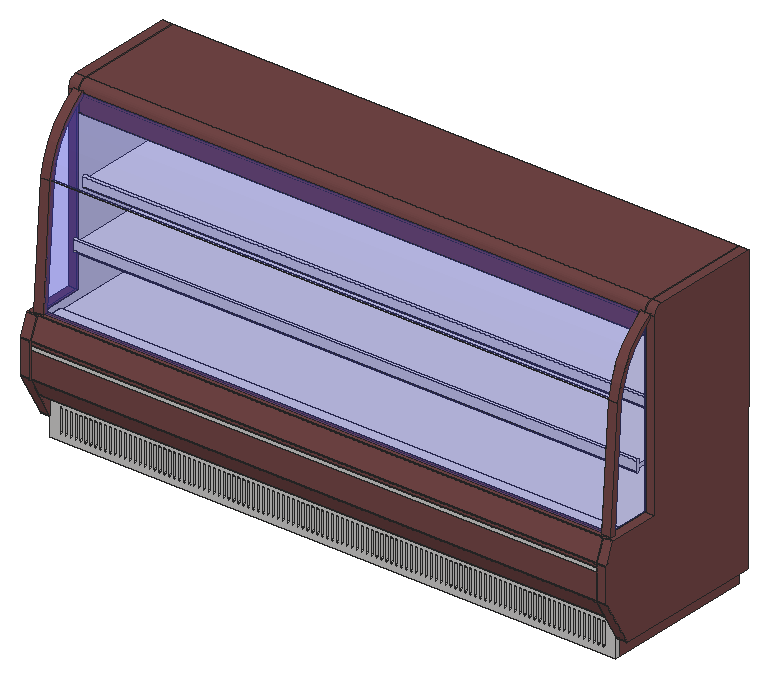
Revit family "QF_Turbo Air_TCDD-96-4-H", category Specialty Equipment, Revit 2014
Parameters
  Weight in Pounds = 802
  Watermarked By = ""
  Volts = 115 V
  Vent Material = QF_Stainless-Polished
  URL Cutsheet = ""
  URL = "www.turboairinc.com"
  Status [instance] = ""
  Specification by User [instance] = ""
  Specification by Manufacturer [instance] = ""
  Serial Number [instance] = ""
  Revision Code [instance] = ""
  Phase = 1
  Number of Poles [instance] = 1
  NAFEM Spec ID Number [instance] = ""
  Model = "TCDD-96-2-H"
  Masterspec [instance] = ""
  Manufacturer = "Turbo Air"  # constant formula
  Item Number [instance] = "-"
  Installed By [instance] = ""
  HP = "1/2"
  Furnished By [instance] = ""
  Foodservice Equipment Identifier = yes
  FL Amps = 11 A
  Exterior Material = QF_Plastic-Red Wine
  Electrical Remarks [instance] = ""
  Electric Connection Type [instance] = ""
  Elec Conn RI Height [instance] = 0' - 0"
  Elec Conn Connection Height = 0' - 6"
  Description = "Bakery/Deli Case"
  Cycle = 60 Hz
  Conn Plug = "NEMA 5-15P"
  CSI MasterFormat = "11 41 13"
  Assembly Code = "E1090320"
  Apparent Power = if(Phase = 3, Volts * FL Amps * 1.73, Volts * FL Amps)  # 1265 VA
Reference planes (in)
  plane 1 "Handle Back": y = -4.25
  plane 2: z = 0
  plane 3 "LEFT": x = -16.56573
  plane 4 "RIGHT": x = 79.93427
  plane 5 "FRONT": y = -34.25
  plane 6 "Bottom": z = 0.3125
  plane 7 "Inside Left": x = -14.94073
  plane 8 "Inside Right": x = 78.30927
  plane 9 "BACK": y = -5
  plane 10 "Panel Lower": z = 19.375
  plane 11 "Inside Bottom": z = 17.25
  plane 12 "TOP": z = 50.125
  plane 13 "Door Left": x = -13.62823
  plane 14 "Door Right": x = 76.99677
  plane 15 "Lower Shelf": z = 26.8125
  plane 16 "Upper Shelf": z = 35.3125
  plane 17 "Door Top": z = 46.5625
  plane 18 "Door Bottom": z = 18.4375
  plane 19 "CENTER LR": x = 31.68427
  plane 20 "Panel Bottom": z = 3.125
  plane 21 "Bottom Front": y = -29.625
Forms (in)
  Extrusion 1, solid, material "QF_Plastic-Red Wine" <- "Exterior Material"
    sketch origin (-16.56573, 0, 0) x (0, 1, 0) y (0, 0, 1)
      loop
        line (-5, 3.5) -> (-5, 50.125) -> (-22.75, 50.125)
        arc (-22.75, 50.125) -> (-23.81066, 49.68566) -> (-24.25, 48.625) r 1.5
        line (-24.25, 48.625) -> (-24.25, 19.375) -> (-32.77179, 19.375)
        arc (-32.77179, 19.375) -> (-32.8059, 19.36487) -> (-32.82896, 19.33777) r 0.0625
        line (-32.82896, 19.33777) -> (-34.21799, 16.19501)
        arc (-34.21799, 16.19501) -> (-34.24191, 16.12089) -> (-34.25, 16.04342) r 0.375
        line (-34.25, 16.04342) -> (-34.25, 10.5867)
        arc (-34.25, 10.5867) -> (-34.23722, 10.48964) -> (-34.19976, 10.3992) r 0.375
        line (-34.19976, 10.3992) -> (-30.10825, 3.3125)
        arc (-30.10825, 3.3125) -> (-29.97099, 3.17524) -> (-29.78349, 3.125) r 0.375
        line (-29.78349, 3.125) -> (-5.375, 3.125)
        arc (-5.375, 3.125) -> (-5.10983, 3.23483) -> (-5, 3.5) r 0.375
    from 0 to 1.625
  Extrusion 2, solid, material "QF_Plastic-Red Wine" <- "Exterior Material"
    sketch origin (79.93427, 0, 0) x (0, 1, 0) y (0, 0, 1)
      loop
        line (-5, 3.5) -> (-5, 50.125) -> (-22.75, 50.125)
        arc (-22.75, 50.125) -> (-23.81066, 49.68566) -> (-24.25, 48.625) r 1.5
        line (-24.25, 48.625) -> (-24.25, 19.375) -> (-32.77179, 19.375)
        arc (-32.77179, 19.375) -> (-32.8059, 19.36487) -> (-32.82896, 19.33777) r 0.0625
        line (-32.82896, 19.33777) -> (-34.21799, 16.19501)
        arc (-34.21799, 16.19501) -> (-34.24191, 16.12089) -> (-34.25, 16.04342) r 0.375
        line (-34.25, 16.04342) -> (-34.25, 10.5867)
        arc (-34.25, 10.5867) -> (-34.23722, 10.48964) -> (-34.19976, 10.3992) r 0.375
        line (-34.19976, 10.3992) -> (-30.10825, 3.3125)
        arc (-30.10825, 3.3125) -> (-29.97099, 3.17524) -> (-29.78349, 3.125) r 0.375
        line (-29.78349, 3.125) -> (-5.375, 3.125)
        arc (-5.375, 3.125) -> (-5.10983, 3.23483) -> (-5, 3.5) r 0.375
    from 0 to -1.625
  Extrusion 3, solid, material "QF_Plastic-Red Wine" <- "Exterior Material"
    sketch origin (-14.94073, 0, 0) x (0, 1, 0) y (0, 0, 1)
      loop
        line (-31.625, 19.375) -> (-30.23314, 38.44929)
        arc (-30.23314, 38.44929) -> (-28.27705, 43.90036) -> (-24.25, 48.0625) r 13.75
        line (-24.25, 48.0625) -> (-24.25, 48.625)
        arc (-24.25, 48.625) -> (-24.24379, 48.76132) -> (-24.22522, 48.89651) r 1.5
        arc (-24.22522, 48.89651) -> (-28.73663, 44.45952) -> (-30.91735, 38.51948) r 14.4375
        line (-30.91735, 38.51948) -> (-32.31433, 19.375) -> (-31.625, 19.375)
    from -0.875 to 0.625
  Extrusion 4, solid, material "QF_Plastic-Red Wine" <- "Exterior Material"
    sketch origin (78.30927, 0, 0) x (0, 1, 0) y (0, 0, 1)
      loop
        arc (-30.23314, 38.44929) -> (-28.27705, 43.90036) -> (-24.25, 48.0625) r 13.75
        line (-24.25, 48.0625) -> (-24.25, 48.625)
        arc (-24.25, 48.625) -> (-24.24379, 48.76132) -> (-24.22522, 48.89651) r 1.5
        arc (-24.22522, 48.89651) -> (-28.73663, 44.45952) -> (-30.91735, 38.51948) r 14.4375
        line (-30.91735, 38.51948) -> (-32.31433, 19.375) -> (-31.625, 19.375) -> (-30.23314, 38.44929)
    from 0.875 to -0.625
  Extrusion 5, solid, material "QF_Glass-Cast-Clear"
    sketch origin (-14.94073, 0, 0) x (0, 1, 0) y (0, 0, 1)
      loop
        arc (-24.25, 48.0625) -> (-28.27705, 43.90036) -> (-30.23314, 38.44929) r 13.75
        line (-30.23314, 38.44929) -> (-31.625, 19.375) -> (-24.25, 19.375) -> (-24.25, 48.0625)
    from 0 to -0.25
  Extrusion 6, solid, material "QF_Glass-Cast-Clear"
    sketch origin (78.30927, 0, 0) x (0, 1, 0) y (0, 0, 1)
      loop
        arc (-24.25, 48.0625) -> (-28.27705, 43.90036) -> (-30.23314, 38.44929) r 13.75
        line (-30.23314, 38.44929) -> (-31.625, 19.375) -> (-24.25, 19.375) -> (-24.25, 48.0625)
    from 0 to 0.25
  Extrusion 7, solid, material "QF_Plastic-Red Wine" <- "Exterior Material"
    sketch origin (-14.94073, 0, 0) x (0, 1, 0) y (0, 0, 1)
      loop
        line (-5, 50.125) -> (-22.75, 50.125)
        arc (-22.75, 50.125) -> (-23.81066, 49.68566) -> (-24.25, 48.625) r 1.5
        line (-24.25, 48.625) -> (-24.25, 45.5)
        arc (-24.25, 45.5) -> (-24.1875, 45.4375) -> (-24.125, 45.5) r 0.0625
        line (-24.125, 45.5) -> (-24.125, 48.625)
        arc (-24.125, 48.625) -> (-24.06819, 49.01616) -> (-23.90244, 49.375) r 1.375
        line (-23.90244, 49.375) -> (-7.375, 49.375) -> (-7.375, 46.5625) -> (-5, 46.5625) -> (-5, 50.125)
      loop
        line (-5, 10.4375) -> (-5, 18.4375) -> (-7.375, 18.4375) -> (-7.375, 10.4375) -> (-5, 10.4375)
    from 0 to 93.25
  Extrusion 8, solid, material "QF_Plastic-Red Wine" <- "Exterior Material"
    sketch origin (0, 0, 0.3125) x (0, 1, 0) y (-1, 0, 0)
      loop
        line (-5, 14.94073) -> (-29.625, 14.94073) -> (-29.625, -78.30927) -> (-5, -78.30927) -> (-5, 14.94073)
      loop
        line (-29.375, 14.69073) -> (-29.375, -78.05927) -> (-5.25, -78.05927) -> (-5.25, 14.69073) -> (-29.375, 14.69073)
    from 0 to 14
  Extrusion 9, solid, material "QF_Plastic-Red Wine" <- "Exterior Material"
    sketch origin (0, 0, 0.3125) x (0, 1, 0) y (-1, 0, 0)
      loop
        line (-29.375, -78.05927) -> (-5.25, -78.05927) -> (-5.25, 14.69073) -> (-29.375, 14.69073) -> (-29.375, -78.05927)
    from 0 to 0.25
  Extrusion 10, solid, material "QF_Stainless-Polished" <- "Vent Material"
    sketch origin (0, -29.625, 0) x (1, 0, 0) y (0, 0, 1)
      loop
        line (-14.94073, 8.5625) -> (-14.94073, 0.3125) -> (78.30927, 0.3125) -> (78.30927, 8.5625) -> (-14.94073, 8.5625)
    from 0 to 0.5625
  Extrusion 11, void
    sketch origin (0, -29.625, 0) x (1, 0, 0) y (0, 0, 1)
      loop
        arc (31.49677, 1.5625) -> (31.68427, 1.375) -> (31.87177, 1.5625) r 0.1875
        line (31.87177, 1.5625) -> (31.87177, 5.125)
        arc (31.87177, 5.125) -> (31.68427, 5.3125) -> (31.49677, 5.125) r 0.1875
        line (31.49677, 5.125) -> (31.49677, 1.5625)
      loop
        arc (32.30927, 1.5625) -> (32.49677, 1.375) -> (32.68427, 1.5625) r 0.1875
        line (32.68427, 1.5625) -> (32.68427, 5.125)
        arc (32.68427, 5.125) -> (32.49677, 5.3125) -> (32.30927, 5.125) r 0.1875
        line (32.30927, 5.125) -> (32.30927, 1.5625)
      loop
        arc (33.12177, 1.5625) -> (33.30927, 1.375) -> (33.49677, 1.5625) r 0.1875
        line (33.49677, 1.5625) -> (33.49677, 5.125)
        arc (33.49677, 5.125) -> (33.30927, 5.3125) -> (33.12177, 5.125) r 0.1875
        line (33.12177, 5.125) -> (33.12177, 1.5625)
      loop
        arc (33.93427, 1.5625) -> (34.12177, 1.375) -> (34.30927, 1.5625) r 0.1875
        line (34.30927, 1.5625) -> (34.30927, 5.125)
        arc (34.30927, 5.125) -> (34.12177, 5.3125) -> (33.93427, 5.125) r 0.1875
        line (33.93427, 5.125) -> (33.93427, 1.5625)
      loop
        arc (34.74677, 1.5625) -> (34.93427, 1.375) -> (35.12177, 1.5625) r 0.1875
        line (35.12177, 1.5625) -> (35.12177, 5.125)
        arc (35.12177, 5.125) -> (34.93427, 5.3125) -> (34.74677, 5.125) r 0.1875
        line (34.74677, 5.125) -> (34.74677, 1.5625)
      loop
        arc (35.55927, 1.5625) -> (35.74677, 1.375) -> (35.93427, 1.5625) r 0.1875
        line (35.93427, 1.5625) -> (35.93427, 5.125)
        arc (35.93427, 5.125) -> (35.74677, 5.3125) -> (35.55927, 5.125) r 0.1875
        line (35.55927, 5.125) -> (35.55927, 1.5625)
      loop
        arc (36.37177, 1.5625) -> (36.55927, 1.375) -> (36.74677, 1.5625) r 0.1875
        line (36.74677, 1.5625) -> (36.74677, 5.125)
        arc (36.74677, 5.125) -> (36.55927, 5.3125) -> (36.37177, 5.125) r 0.1875
        line (36.37177, 5.125) -> (36.37177, 1.5625)
      loop
        arc (37.18427, 1.5625) -> (37.37177, 1.375) -> (37.55927, 1.5625) r 0.1875
        line (37.55927, 1.5625) -> (37.55927, 5.125)
        arc (37.55927, 5.125) -> (37.37177, 5.3125) -> (37.18427, 5.125) r 0.1875
        line (37.18427, 5.125) -> (37.18427, 1.5625)
      loop
        arc (37.99677, 1.5625) -> (38.18427, 1.375) -> (38.37177, 1.5625) r 0.1875
        line (38.37177, 1.5625) -> (38.37177, 5.125)
        arc (38.37177, 5.125) -> (38.18427, 5.3125) -> (37.99677, 5.125) r 0.1875
        line (37.99677, 5.125) -> (37.99677, 1.5625)
      loop
        arc (38.80927, 1.5625) -> (38.99677, 1.375) -> (39.18427, 1.5625) r 0.1875
        line (39.18427, 1.5625) -> (39.18427, 5.125)
        arc (39.18427, 5.125) -> (38.99677, 5.3125) -> (38.80927, 5.125) r 0.1875
        line (38.80927, 5.125) -> (38.80927, 1.5625)
      loop
        arc (39.62177, 1.5625) -> (39.80927, 1.375) -> (39.99677, 1.5625) r 0.1875
        line (39.99677, 1.5625) -> (39.99677, 5.125)
        arc (39.99677, 5.125) -> (39.80927, 5.3125) -> (39.62177, 5.125) r 0.1875
        line (39.62177, 5.125) -> (39.62177, 1.5625)
      loop
        arc (40.43427, 1.5625) -> (40.62177, 1.375) -> (40.80927, 1.5625) r 0.1875
        line (40.80927, 1.5625) -> (40.80927, 5.125)
        arc (40.80927, 5.125) -> (40.62177, 5.3125) -> (40.43427, 5.125) r 0.1875
        line (40.43427, 5.125) -> (40.43427, 1.5625)
      loop
        arc (41.24677, 1.5625) -> (41.43427, 1.375) -> (41.62177, 1.5625) r 0.1875
        line (41.62177, 1.5625) -> (41.62177, 5.125)
        arc (41.62177, 5.125) -> (41.43427, 5.3125) -> (41.24677, 5.125) r 0.1875
        line (41.24677, 5.125) -> (41.24677, 1.5625)
      loop
        arc (42.05927, 1.5625) -> (42.24677, 1.375) -> (42.43427, 1.5625) r 0.1875
        line (42.43427, 1.5625) -> (42.43427, 5.125)
        arc (42.43427, 5.125) -> (42.24677, 5.3125) -> (42.05927, 5.125) r 0.1875
        line (42.05927, 5.125) -> (42.05927, 1.5625)
      loop
        arc (42.87177, 1.5625) -> (43.05927, 1.375) -> (43.24677, 1.5625) r 0.1875
        line (43.24677, 1.5625) -> (43.24677, 5.125)
        arc (43.24677, 5.125) -> (43.05927, 5.3125) -> (42.87177, 5.125) r 0.1875
        line (42.87177, 5.125) -> (42.87177, 1.5625)
      loop
        arc (43.68427, 1.5625) -> (43.87177, 1.375) -> (44.05927, 1.5625) r 0.1875
        line (44.05927, 1.5625) -> (44.05927, 5.125)
        arc (44.05927, 5.125) -> (43.87177, 5.3125) -> (43.68427, 5.125) r 0.1875
        line (43.68427, 5.125) -> (43.68427, 1.5625)
      loop
        arc (44.49677, 1.5625) -> (44.68427, 1.375) -> (44.87177, 1.5625) r 0.1875
        line (44.87177, 1.5625) -> (44.87177, 5.125)
        arc (44.87177, 5.125) -> (44.68427, 5.3125) -> (44.49677, 5.125) r 0.1875
        line (44.49677, 5.125) -> (44.49677, 1.5625)
      loop
        arc (45.30927, 1.5625) -> (45.49677, 1.375) -> (45.68427, 1.5625) r 0.1875
        line (45.68427, 1.5625) -> (45.68427, 5.125)
        arc (45.68427, 5.125) -> (45.49677, 5.3125) -> (45.30927, 5.125) r 0.1875
        line (45.30927, 5.125) -> (45.30927, 1.5625)
      loop
        arc (46.12177, 1.5625) -> (46.30927, 1.375) -> (46.49677, 1.5625) r 0.1875
        line (46.49677, 1.5625) -> (46.49677, 5.125)
        arc (46.49677, 5.125) -> (46.30927, 5.3125) -> (46.12177, 5.125) r 0.1875
        line (46.12177, 5.125) -> (46.12177, 1.5625)
      loop
        arc (46.93427, 1.5625) -> (47.12177, 1.375) -> (47.30927, 1.5625) r 0.1875
        line (47.30927, 1.5625) -> (47.30927, 5.125)
        arc (47.30927, 5.125) -> (47.12177, 5.3125) -> (46.93427, 5.125) r 0.1875
        line (46.93427, 5.125) -> (46.93427, 1.5625)
      loop
        arc (47.74677, 1.5625) -> (47.93427, 1.375) -> (48.12177, 1.5625) r 0.1875
        line (48.12177, 1.5625) -> (48.12177, 5.125)
        arc (48.12177, 5.125) -> (47.93427, 5.3125) -> (47.74677, 5.125) r 0.1875
        line (47.74677, 5.125) -> (47.74677, 1.5625)
      loop
        arc (48.55927, 1.5625) -> (48.74677, 1.375) -> (48.93427, 1.5625) r 0.1875
        line (48.93427, 1.5625) -> (48.93427, 5.125)
        arc (48.93427, 5.125) -> (48.74677, 5.3125) -> (48.55927, 5.125) r 0.1875
        line (48.55927, 5.125) -> (48.55927, 1.5625)
      loop
        arc (49.37177, 1.5625) -> (49.55927, 1.375) -> (49.74677, 1.5625) r 0.1875
        line (49.74677, 1.5625) -> (49.74677, 5.125)
        arc (49.74677, 5.125) -> (49.55927, 5.3125) -> (49.37177, 5.125) r 0.1875
        line (49.37177, 5.125) -> (49.37177, 1.5625)
      loop
        arc (50.18427, 1.5625) -> (50.37177, 1.375) -> (50.55927, 1.5625) r 0.1875
        line (50.55927, 1.5625) -> (50.55927, 5.125)
        arc (50.55927, 5.125) -> (50.37177, 5.3125) -> (50.18427, 5.125) r 0.1875
        line (50.18427, 5.125) -> (50.18427, 1.5625)
      loop
        arc (50.99677, 1.5625) -> (51.18427, 1.375) -> (51.37177, 1.5625) r 0.1875
        line (51.37177, 1.5625) -> (51.37177, 5.125)
        arc (51.37177, 5.125) -> (51.18427, 5.3125) -> (50.99677, 5.125) r 0.1875
        line (50.99677, 5.125) -> (50.99677, 1.5625)
      loop
        arc (51.80927, 1.5625) -> (51.99677, 1.375) -> (52.18427, 1.5625) r 0.1875
        line (52.18427, 1.5625) -> (52.18427, 5.125)
        arc (52.18427, 5.125) -> (51.99677, 5.3125) -> (51.80927, 5.125) r 0.1875
        line (51.80927, 5.125) -> (51.80927, 1.5625)
      loop
        arc (52.62177, 1.5625) -> (52.80927, 1.375) -> (52.99677, 1.5625) r 0.1875
        line (52.99677, 1.5625) -> (52.99677, 5.125)
        arc (52.99677, 5.125) -> (52.80927, 5.3125) -> (52.62177, 5.125) r 0.1875
        line (52.62177, 5.125) -> (52.62177, 1.5625)
      loop
        arc (53.43427, 1.5625) -> (53.62177, 1.375) -> (53.80927, 1.5625) r 0.1875
        line (53.80927, 1.5625) -> (53.80927, 5.125)
        arc (53.80927, 5.125) -> (53.62177, 5.3125) -> (53.43427, 5.125) r 0.1875
        line (53.43427, 5.125) -> (53.43427, 1.5625)
      loop
        arc (54.24677, 1.5625) -> (54.43427, 1.375) -> (54.62177, 1.5625) r 0.1875
        line (54.62177, 1.5625) -> (54.62177, 5.125)
        arc (54.62177, 5.125) -> (54.43427, 5.3125) -> (54.24677, 5.125) r 0.1875
        line (54.24677, 5.125) -> (54.24677, 1.5625)
      loop
        arc (55.05927, 1.5625) -> (55.24677, 1.375) -> (55.43427, 1.5625) r 0.1875
        line (55.43427, 1.5625) -> (55.43427, 5.125)
        arc (55.43427, 5.125) -> (55.24677, 5.3125) -> (55.05927, 5.125) r 0.1875
        line (55.05927, 5.125) -> (55.05927, 1.5625)
      loop
        arc (55.87177, 1.5625) -> (56.05927, 1.375) -> (56.24677, 1.5625) r 0.1875
        line (56.24677, 1.5625) -> (56.24677, 5.125)
        arc (56.24677, 5.125) -> (56.05927, 5.3125) -> (55.87177, 5.125) r 0.1875
        line (55.87177, 5.125) -> (55.87177, 1.5625)
      loop
        arc (56.68427, 1.5625) -> (56.87177, 1.375) -> (57.05927, 1.5625) r 0.1875
        line (57.05927, 1.5625) -> (57.05927, 5.125)
        arc (57.05927, 5.125) -> (56.87177, 5.3125) -> (56.68427, 5.125) r 0.1875
        line (56.68427, 5.125) -> (56.68427, 1.5625)
      loop
        arc (57.49677, 1.5625) -> (57.68427, 1.375) -> (57.87177, 1.5625) r 0.1875
        line (57.87177, 1.5625) -> (57.87177, 5.125)
        arc (57.87177, 5.125) -> (57.68427, 5.3125) -> (57.49677, 5.125) r 0.1875
        line (57.49677, 5.125) -> (57.49677, 1.5625)
      loop
        arc (58.30927, 1.5625) -> (58.49677, 1.375) -> (58.68427, 1.5625) r 0.1875
        line (58.68427, 1.5625) -> (58.68427, 5.125)
        arc (58.68427, 5.125) -> (58.49677, 5.3125) -> (58.30927, 5.125) r 0.1875
        line (58.30927, 5.125) -> (58.30927, 1.5625)
      loop
        arc (59.12177, 1.5625) -> (59.30927, 1.375) -> (59.49677, 1.5625) r 0.1875
        line (59.49677, 1.5625) -> (59.49677, 5.125)
        arc (59.49677, 5.125) -> (59.30927, 5.3125) -> (59.12177, 5.125) r 0.1875
        line (59.12177, 5.125) -> (59.12177, 1.5625)
      loop
        arc (59.93427, 1.5625) -> (60.12177, 1.375) -> (60.30927, 1.5625) r 0.1875
        line (60.30927, 1.5625) -> (60.30927, 5.125)
        arc (60.30927, 5.125) -> (60.12177, 5.3125) -> (59.93427, 5.125) r 0.1875
        line (59.93427, 5.125) -> (59.93427, 1.5625)
      loop
        arc (60.74677, 1.5625) -> (60.93427, 1.375) -> (61.12177, 1.5625) r 0.1875
        line (61.12177, 1.5625) -> (61.12177, 5.125)
        arc (61.12177, 5.125) -> (60.93427, 5.3125) -> (60.74677, 5.125) r 0.1875
        line (60.74677, 5.125) -> (60.74677, 1.5625)
      loop
        arc (61.55927, 1.5625) -> (61.74677, 1.375) -> (61.93427, 1.5625) r 0.1875
        line (61.93427, 1.5625) -> (61.93427, 5.125)
        arc (61.93427, 5.125) -> (61.74677, 5.3125) -> (61.55927, 5.125) r 0.1875
        line (61.55927, 5.125) -> (61.55927, 1.5625)
      loop
        arc (62.37177, 1.5625) -> (62.55927, 1.375) -> (62.74677, 1.5625) r 0.1875
        line (62.74677, 1.5625) -> (62.74677, 5.125)
        arc (62.74677, 5.125) -> (62.55927, 5.3125) -> (62.37177, 5.125) r 0.1875
        line (62.37177, 5.125) -> (62.37177, 1.5625)
      loop
        arc (63.18427, 1.5625) -> (63.37177, 1.375) -> (63.55927, 1.5625) r 0.1875
        line (63.55927, 1.5625) -> (63.55927, 5.125)
        arc (63.55927, 5.125) -> (63.37177, 5.3125) -> (63.18427, 5.125) r 0.1875
        line (63.18427, 5.125) -> (63.18427, 1.5625)
      loop
        arc (63.99677, 1.5625) -> (64.18427, 1.375) -> (64.37177, 1.5625) r 0.1875
        line (64.37177, 1.5625) -> (64.37177, 5.125)
        arc (64.37177, 5.125) -> (64.18427, 5.3125) -> (63.99677, 5.125) r 0.1875
        line (63.99677, 5.125) -> (63.99677, 1.5625)
      loop
        arc (64.80927, 1.5625) -> (64.99677, 1.375) -> (65.18427, 1.5625) r 0.1875
        line (65.18427, 1.5625) -> (65.18427, 5.125)
        arc (65.18427, 5.125) -> (64.99677, 5.3125) -> (64.80927, 5.125) r 0.1875
        line (64.80927, 5.125) -> (64.80927, 1.5625)
      loop
        arc (65.62177, 1.5625) -> (65.80927, 1.375) -> (65.99677, 1.5625) r 0.1875
        line (65.99677, 1.5625) -> (65.99677, 5.125)
        arc (65.99677, 5.125) -> (65.80927, 5.3125) -> (65.62177, 5.125) r 0.1875
        line (65.62177, 5.125) -> (65.62177, 1.5625)
      loop
        arc (66.43427, 1.5625) -> (66.62177, 1.375) -> (66.80927, 1.5625) r 0.1875
        line (66.80927, 1.5625) -> (66.80927, 5.125)
        arc (66.80927, 5.125) -> (66.62177, 5.3125) -> (66.43427, 5.125) r 0.1875
        line (66.43427, 5.125) -> (66.43427, 1.5625)
      loop
        arc (67.24677, 1.5625) -> (67.43427, 1.375) -> (67.62177, 1.5625) r 0.1875
        line (67.62177, 1.5625) -> (67.62177, 5.125)
        arc (67.62177, 5.125) -> (67.43427, 5.3125) -> (67.24677, 5.125) r 0.1875
        line (67.24677, 5.125) -> (67.24677, 1.5625)
      loop
        arc (68.05927, 1.5625) -> (68.24677, 1.375) -> (68.43427, 1.5625) r 0.1875
        line (68.43427, 1.5625) -> (68.43427, 5.125)
        arc (68.43427, 5.125) -> (68.24677, 5.3125) -> (68.05927, 5.125) r 0.1875
        line (68.05927, 5.125) -> (68.05927, 1.5625)
      loop
        arc (68.87177, 1.5625) -> (69.05927, 1.375) -> (69.24677, 1.5625) r 0.1875
        line (69.24677, 1.5625) -> (69.24677, 5.125)
        arc (69.24677, 5.125) -> (69.05927, 5.3125) -> (68.87177, 5.125) r 0.1875
        line (68.87177, 5.125) -> (68.87177, 1.5625)
      loop
        arc (69.68427, 1.5625) -> (69.87177, 1.375) -> (70.05927, 1.5625) r 0.1875
        line (70.05927, 1.5625) -> (70.05927, 5.125)
        arc (70.05927, 5.125) -> (69.87177, 5.3125) -> (69.68427, 5.125) r 0.1875
        line (69.68427, 5.125) -> (69.68427, 1.5625)
      loop
        arc (70.49677, 1.5625) -> (70.68427, 1.375) -> (70.87177, 1.5625) r 0.1875
        line (70.87177, 1.5625) -> (70.87177, 5.125)
        arc (70.87177, 5.125) -> (70.68427, 5.3125) -> (70.49677, 5.125) r 0.1875
        line (70.49677, 5.125) -> (70.49677, 1.5625)
      loop
        arc (71.30927, 1.5625) -> (71.49677, 1.375) -> (71.68427, 1.5625) r 0.1875
        line (71.68427, 1.5625) -> (71.68427, 5.125)
        arc (71.68427, 5.125) -> (71.49677, 5.3125) -> (71.30927, 5.125) r 0.1875
        line (71.30927, 5.125) -> (71.30927, 1.5625)
      loop
        arc (72.12177, 1.5625) -> (72.30927, 1.375) -> (72.49677, 1.5625) r 0.1875
        line (72.49677, 1.5625) -> (72.49677, 5.125)
        arc (72.49677, 5.125) -> (72.30927, 5.3125) -> (72.12177, 5.125) r 0.1875
        line (72.12177, 5.125) -> (72.12177, 1.5625)
      loop
        arc (72.93427, 1.5625) -> (73.12177, 1.375) -> (73.30927, 1.5625) r 0.1875
        line (73.30927, 1.5625) -> (73.30927, 5.125)
        arc (73.30927, 5.125) -> (73.12177, 5.3125) -> (72.93427, 5.125) r 0.1875
        line (72.93427, 5.125) -> (72.93427, 1.5625)
      loop
        arc (73.74677, 1.5625) -> (73.93427, 1.375) -> (74.12177, 1.5625) r 0.1875
        line (74.12177, 1.5625) -> (74.12177, 5.125)
        arc (74.12177, 5.125) -> (73.93427, 5.3125) -> (73.74677, 5.125) r 0.1875
        line (73.74677, 5.125) -> (73.74677, 1.5625)
      loop
        arc (74.55927, 1.5625) -> (74.74677, 1.375) -> (74.93427, 1.5625) r 0.1875
        line (74.93427, 1.5625) -> (74.93427, 5.125)
        arc (74.93427, 5.125) -> (74.74677, 5.3125) -> (74.55927, 5.125) r 0.1875
        line (74.55927, 5.125) -> (74.55927, 1.5625)
      loop
        arc (75.37177, 1.5625) -> (75.55927, 1.375) -> (75.74677, 1.5625) r 0.1875
        line (75.74677, 1.5625) -> (75.74677, 5.125)
        arc (75.74677, 5.125) -> (75.55927, 5.3125) -> (75.37177, 5.125) r 0.1875
        line (75.37177, 5.125) -> (75.37177, 1.5625)
      loop
        arc (76.18427, 1.5625) -> (76.37177, 1.375) -> (76.55927, 1.5625) r 0.1875
        line (76.55927, 1.5625) -> (76.55927, 5.125)
        arc (76.55927, 5.125) -> (76.37177, 5.3125) -> (76.18427, 5.125) r 0.1875
        line (76.18427, 5.125) -> (76.18427, 1.5625)
      loop
        line (31.05927, 1.5625) -> (31.05927, 5.125)
        arc (31.05927, 5.125) -> (30.87177, 5.3125) -> (30.68427, 5.125) r 0.1875
        line (30.68427, 5.125) -> (30.68427, 1.5625)
        arc (30.68427, 1.5625) -> (30.87177, 1.375) -> (31.05927, 1.5625) r 0.1875
      loop
        line (30.24677, 1.5625) -> (30.24677, 5.125)
        arc (30.24677, 5.125) -> (30.05927, 5.3125) -> (29.87177, 5.125) r 0.1875
        line (29.87177, 5.125) -> (29.87177, 1.5625)
        arc (29.87177, 1.5625) -> (30.05927, 1.375) -> (30.24677, 1.5625) r 0.1875
      loop
        line (29.43427, 1.5625) -> (29.43427, 5.125)
        arc (29.43427, 5.125) -> (29.24677, 5.3125) -> (29.05927, 5.125) r 0.1875
        line (29.05927, 5.125) -> (29.05927, 1.5625)
        arc (29.05927, 1.5625) -> (29.24677, 1.375) -> (29.43427, 1.5625) r 0.1875
      loop
        line (28.62177, 1.5625) -> (28.62177, 5.125)
        arc (28.62177, 5.125) -> (28.43427, 5.3125) -> (28.24677, 5.125) r 0.1875
        line (28.24677, 5.125) -> (28.24677, 1.5625)
        arc (28.24677, 1.5625) -> (28.43427, 1.375) -> (28.62177, 1.5625) r 0.1875
      loop
        line (27.80927, 1.5625) -> (27.80927, 5.125)
        arc (27.80927, 5.125) -> (27.62177, 5.3125) -> (27.43427, 5.125) r 0.1875
        line (27.43427, 5.125) -> (27.43427, 1.5625)
        arc (27.43427, 1.5625) -> (27.62177, 1.375) -> (27.80927, 1.5625) r 0.1875
      loop
        line (26.99677, 1.5625) -> (26.99677, 5.125)
        arc (26.99677, 5.125) -> (26.80927, 5.3125) -> (26.62177, 5.125) r 0.1875
        line (26.62177, 5.125) -> (26.62177, 1.5625)
        arc (26.62177, 1.5625) -> (26.80927, 1.375) -> (26.99677, 1.5625) r 0.1875
      loop
        line (26.18427, 1.5625) -> (26.18427, 5.125)
        arc (26.18427, 5.125) -> (25.99677, 5.3125) -> (25.80927, 5.125) r 0.1875
        line (25.80927, 5.125) -> (25.80927, 1.5625)
        arc (25.80927, 1.5625) -> (25.99677, 1.375) -> (26.18427, 1.5625) r 0.1875
      loop
        line (25.37177, 1.5625) -> (25.37177, 5.125)
        arc (25.37177, 5.125) -> (25.18427, 5.3125) -> (24.99677, 5.125) r 0.1875
        line (24.99677, 5.125) -> (24.99677, 1.5625)
        arc (24.99677, 1.5625) -> (25.18427, 1.375) -> (25.37177, 1.5625) r 0.1875
      loop
        line (24.55927, 1.5625) -> (24.55927, 5.125)
        arc (24.55927, 5.125) -> (24.37177, 5.3125) -> (24.18427, 5.125) r 0.1875
        line (24.18427, 5.125) -> (24.18427, 1.5625)
        arc (24.18427, 1.5625) -> (24.37177, 1.375) -> (24.55927, 1.5625) r 0.1875
      loop
        line (23.74677, 1.5625) -> (23.74677, 5.125)
        arc (23.74677, 5.125) -> (23.55927, 5.3125) -> (23.37177, 5.125) r 0.1875
        line (23.37177, 5.125) -> (23.37177, 1.5625)
        arc (23.37177, 1.5625) -> (23.55927, 1.375) -> (23.74677, 1.5625) r 0.1875
      loop
        line (22.93427, 1.5625) -> (22.93427, 5.125)
        arc (22.93427, 5.125) -> (22.74677, 5.3125) -> (22.55927, 5.125) r 0.1875
        line (22.55927, 5.125) -> (22.55927, 1.5625)
        arc (22.55927, 1.5625) -> (22.74677, 1.375) -> (22.93427, 1.5625) r 0.1875
      loop
        line (22.12177, 1.5625) -> (22.12177, 5.125)
        arc (22.12177, 5.125) -> (21.93427, 5.3125) -> (21.74677, 5.125) r 0.1875
        line (21.74677, 5.125) -> (21.74677, 1.5625)
        arc (21.74677, 1.5625) -> (21.93427, 1.375) -> (22.12177, 1.5625) r 0.1875
      loop
        line (21.30927, 1.5625) -> (21.30927, 5.125)
        arc (21.30927, 5.125) -> (21.12177, 5.3125) -> (20.93427, 5.125) r 0.1875
        line (20.93427, 5.125) -> (20.93427, 1.5625)
        arc (20.93427, 1.5625) -> (21.12177, 1.375) -> (21.30927, 1.5625) r 0.1875
      loop
        line (20.49677, 1.5625) -> (20.49677, 5.125)
        arc (20.49677, 5.125) -> (20.30927, 5.3125) -> (20.12177, 5.125) r 0.1875
        line (20.12177, 5.125) -> (20.12177, 1.5625)
        arc (20.12177, 1.5625) -> (20.30927, 1.375) -> (20.49677, 1.5625) r 0.1875
      loop
        line (19.68427, 1.5625) -> (19.68427, 5.125)
        arc (19.68427, 5.125) -> (19.49677, 5.3125) -> (19.30927, 5.125) r 0.1875
        line (19.30927, 5.125) -> (19.30927, 1.5625)
        arc (19.30927, 1.5625) -> (19.49677, 1.375) -> (19.68427, 1.5625) r 0.1875
      loop
        line (18.87177, 1.5625) -> (18.87177, 5.125)
        arc (18.87177, 5.125) -> (18.68427, 5.3125) -> (18.49677, 5.125) r 0.1875
        line (18.49677, 5.125) -> (18.49677, 1.5625)
        arc (18.49677, 1.5625) -> (18.68427, 1.375) -> (18.87177, 1.5625) r 0.1875
      loop
        line (18.05927, 1.5625) -> (18.05927, 5.125)
        arc (18.05927, 5.125) -> (17.87177, 5.3125) -> (17.68427, 5.125) r 0.1875
        line (17.68427, 5.125) -> (17.68427, 1.5625)
        arc (17.68427, 1.5625) -> (17.87177, 1.375) -> (18.05927, 1.5625) r 0.1875
      loop
        line (17.24677, 1.5625) -> (17.24677, 5.125)
        arc (17.24677, 5.125) -> (17.05927, 5.3125) -> (16.87177, 5.125) r 0.1875
        line (16.87177, 5.125) -> (16.87177, 1.5625)
        arc (16.87177, 1.5625) -> (17.05927, 1.375) -> (17.24677, 1.5625) r 0.1875
      loop
        line (16.43427, 1.5625) -> (16.43427, 5.125)
        arc (16.43427, 5.125) -> (16.24677, 5.3125) -> (16.05927, 5.125) r 0.1875
        line (16.05927, 5.125) -> (16.05927, 1.5625)
        arc (16.05927, 1.5625) -> (16.24677, 1.375) -> (16.43427, 1.5625) r 0.1875
      loop
        line (15.62177, 1.5625) -> (15.62177, 5.125)
        arc (15.62177, 5.125) -> (15.43427, 5.3125) -> (15.24677, 5.125) r 0.1875
        line (15.24677, 5.125) -> (15.24677, 1.5625)
        arc (15.24677, 1.5625) -> (15.43427, 1.375) -> (15.62177, 1.5625) r 0.1875
      loop
        line (14.80927, 1.5625) -> (14.80927, 5.125)
        arc (14.80927, 5.125) -> (14.62177, 5.3125) -> (14.43427, 5.125) r 0.1875
        line (14.43427, 5.125) -> (14.43427, 1.5625)
        arc (14.43427, 1.5625) -> (14.62177, 1.375) -> (14.80927, 1.5625) r 0.1875
      loop
        line (13.99677, 1.5625) -> (13.99677, 5.125)
        arc (13.99677, 5.125) -> (13.80927, 5.3125) -> (13.62177, 5.125) r 0.1875
        line (13.62177, 5.125) -> (13.62177, 1.5625)
        arc (13.62177, 1.5625) -> (13.80927, 1.375) -> (13.99677, 1.5625) r 0.1875
      loop
        line (13.18427, 1.5625) -> (13.18427, 5.125)
        arc (13.18427, 5.125) -> (12.99677, 5.3125) -> (12.80927, 5.125) r 0.1875
        line (12.80927, 5.125) -> (12.80927, 1.5625)
        arc (12.80927, 1.5625) -> (12.99677, 1.375) -> (13.18427, 1.5625) r 0.1875
      loop
        line (12.37177, 1.5625) -> (12.37177, 5.125)
        arc (12.37177, 5.125) -> (12.18427, 5.3125) -> (11.99677, 5.125) r 0.1875
        line (11.99677, 5.125) -> (11.99677, 1.5625)
        arc (11.99677, 1.5625) -> (12.18427, 1.375) -> (12.37177, 1.5625) r 0.1875
      loop
        line (11.55927, 1.5625) -> (11.55927, 5.125)
        arc (11.55927, 5.125) -> (11.37177, 5.3125) -> (11.18427, 5.125) r 0.1875
        line (11.18427, 5.125) -> (11.18427, 1.5625)
        arc (11.18427, 1.5625) -> (11.37177, 1.375) -> (11.55927, 1.5625) r 0.1875
      loop
        line (10.74677, 1.5625) -> (10.74677, 5.125)
        arc (10.74677, 5.125) -> (10.55927, 5.3125) -> (10.37177, 5.125) r 0.1875
        line (10.37177, 5.125) -> (10.37177, 1.5625)
        arc (10.37177, 1.5625) -> (10.55927, 1.375) -> (10.74677, 1.5625) r 0.1875
      loop
        line (9.93427, 1.5625) -> (9.93427, 5.125)
        arc (9.93427, 5.125) -> (9.74677, 5.3125) -> (9.55927, 5.125) r 0.1875
        line (9.55927, 5.125) -> (9.55927, 1.5625)
        arc (9.55927, 1.5625) -> (9.74677, 1.375) -> (9.93427, 1.5625) r 0.1875
      loop
        line (9.12177, 1.5625) -> (9.12177, 5.125)
        arc (9.12177, 5.125) -> (8.93427, 5.3125) -> (8.74677, 5.125) r 0.1875
        line (8.74677, 5.125) -> (8.74677, 1.5625)
        arc (8.74677, 1.5625) -> (8.93427, 1.375) -> (9.12177, 1.5625) r 0.1875
      loop
        line (8.30927, 1.5625) -> (8.30927, 5.125)
        arc (8.30927, 5.125) -> (8.12177, 5.3125) -> (7.93427, 5.125) r 0.1875
        line (7.93427, 5.125) -> (7.93427, 1.5625)
        arc (7.93427, 1.5625) -> (8.12177, 1.375) -> (8.30927, 1.5625) r 0.1875
      loop
        line (7.49677, 1.5625) -> (7.49677, 5.125)
        arc (7.49677, 5.125) -> (7.30927, 5.3125) -> (7.12177, 5.125) r 0.1875
        line (7.12177, 5.125) -> (7.12177, 1.5625)
        arc (7.12177, 1.5625) -> (7.30927, 1.375) -> (7.49677, 1.5625) r 0.1875
      loop
        line (6.68427, 1.5625) -> (6.68427, 5.125)
        arc (6.68427, 5.125) -> (6.49677, 5.3125) -> (6.30927, 5.125) r 0.1875
        line (6.30927, 5.125) -> (6.30927, 1.5625)
        arc (6.30927, 1.5625) -> (6.49677, 1.375) -> (6.68427, 1.5625) r 0.1875
      loop
        line (5.87177, 1.5625) -> (5.87177, 5.125)
        arc (5.87177, 5.125) -> (5.68427, 5.3125) -> (5.49677, 5.125) r 0.1875
        line (5.49677, 5.125) -> (5.49677, 1.5625)
        arc (5.49677, 1.5625) -> (5.68427, 1.375) -> (5.87177, 1.5625) r 0.1875
      loop
        line (5.05927, 1.5625) -> (5.05927, 5.125)
        arc (5.05927, 5.125) -> (4.87177, 5.3125) -> (4.68427, 5.125) r 0.1875
        line (4.68427, 5.125) -> (4.68427, 1.5625)
        arc (4.68427, 1.5625) -> (4.87177, 1.375) -> (5.05927, 1.5625) r 0.1875
      loop
        line (4.24677, 1.5625) -> (4.24677, 5.125)
        arc (4.24677, 5.125) -> (4.05927, 5.3125) -> (3.87177, 5.125) r 0.1875
        line (3.87177, 5.125) -> (3.87177, 1.5625)
        arc (3.87177, 1.5625) -> (4.05927, 1.375) -> (4.24677, 1.5625) r 0.1875
      loop
        line (3.43427, 1.5625) -> (3.43427, 5.125)
        arc (3.43427, 5.125) -> (3.24677, 5.3125) -> (3.05927, 5.125) r 0.1875
        line (3.05927, 5.125) -> (3.05927, 1.5625)
        arc (3.05927, 1.5625) -> (3.24677, 1.375) -> (3.43427, 1.5625) r 0.1875
      loop
        line (2.62177, 1.5625) -> (2.62177, 5.125)
        arc (2.62177, 5.125) -> (2.43427, 5.3125) -> (2.24677, 5.125) r 0.1875
        line (2.24677, 5.125) -> (2.24677, 1.5625)
        arc (2.24677, 1.5625) -> (2.43427, 1.375) -> (2.62177, 1.5625) r 0.1875
      loop
        line (1.80927, 1.5625) -> (1.80927, 5.125)
        arc (1.80927, 5.125) -> (1.62177, 5.3125) -> (1.43427, 5.125) r 0.1875
        line (1.43427, 5.125) -> (1.43427, 1.5625)
        arc (1.43427, 1.5625) -> (1.62177, 1.375) -> (1.80927, 1.5625) r 0.1875
      loop
        line (0.99677, 1.5625) -> (0.99677, 5.125)
        arc (0.99677, 5.125) -> (0.80927, 5.3125) -> (0.62177, 5.125) r 0.1875
        line (0.62177, 5.125) -> (0.62177, 1.5625)
        arc (0.62177, 1.5625) -> (0.80927, 1.375) -> (0.99677, 1.5625) r 0.1875
      loop
        line (0.18427, 1.5625) -> (0.18427, 5.125)
        arc (0.18427, 5.125) -> (-0.00323, 5.3125) -> (-0.19073, 5.125) r 0.1875
        line (-0.19073, 5.125) -> (-0.19073, 1.5625)
        arc (-0.19073, 1.5625) -> (-0.00323, 1.375) -> (0.18427, 1.5625) r 0.1875
      loop
        line (-0.62823, 1.5625) -> (-0.62823, 5.125)
        arc (-0.62823, 5.125) -> (-0.81573, 5.3125) -> (-1.00323, 5.125) r 0.1875
        line (-1.00323, 5.125) -> (-1.00323, 1.5625)
        arc (-1.00323, 1.5625) -> (-0.81573, 1.375) -> (-0.62823, 1.5625) r 0.1875
      loop
        line (-1.44073, 1.5625) -> (-1.44073, 5.125)
        arc (-1.44073, 5.125) -> (-1.62823, 5.3125) -> (-1.81573, 5.125) r 0.1875
        line (-1.81573, 5.125) -> (-1.81573, 1.5625)
        arc (-1.81573, 1.5625) -> (-1.62823, 1.375) -> (-1.44073, 1.5625) r 0.1875
      loop
        line (-2.25323, 1.5625) -> (-2.25323, 5.125)
        arc (-2.25323, 5.125) -> (-2.44073, 5.3125) -> (-2.62823, 5.125) r 0.1875
        line (-2.62823, 5.125) -> (-2.62823, 1.5625)
        arc (-2.62823, 1.5625) -> (-2.44073, 1.375) -> (-2.25323, 1.5625) r 0.1875
      loop
        line (-3.06573, 1.5625) -> (-3.06573, 5.125)
        arc (-3.06573, 5.125) -> (-3.25323, 5.3125) -> (-3.44073, 5.125) r 0.1875
        line (-3.44073, 5.125) -> (-3.44073, 1.5625)
        arc (-3.44073, 1.5625) -> (-3.25323, 1.375) -> (-3.06573, 1.5625) r 0.1875
      loop
        line (-3.87823, 1.5625) -> (-3.87823, 5.125)
        arc (-3.87823, 5.125) -> (-4.06573, 5.3125) -> (-4.25323, 5.125) r 0.1875
        line (-4.25323, 5.125) -> (-4.25323, 1.5625)
        arc (-4.25323, 1.5625) -> (-4.06573, 1.375) -> (-3.87823, 1.5625) r 0.1875
      loop
        line (-4.69073, 1.5625) -> (-4.69073, 5.125)
        arc (-4.69073, 5.125) -> (-4.87823, 5.3125) -> (-5.06573, 5.125) r 0.1875
        line (-5.06573, 5.125) -> (-5.06573, 1.5625)
        arc (-5.06573, 1.5625) -> (-4.87823, 1.375) -> (-4.69073, 1.5625) r 0.1875
      loop
        line (-5.50323, 1.5625) -> (-5.50323, 5.125)
        arc (-5.50323, 5.125) -> (-5.69073, 5.3125) -> (-5.87823, 5.125) r 0.1875
        line (-5.87823, 5.125) -> (-5.87823, 1.5625)
        arc (-5.87823, 1.5625) -> (-5.69073, 1.375) -> (-5.50323, 1.5625) r 0.1875
      loop
        line (-6.31573, 1.5625) -> (-6.31573, 5.125)
        arc (-6.31573, 5.125) -> (-6.50323, 5.3125) -> (-6.69073, 5.125) r 0.1875
        line (-6.69073, 5.125) -> (-6.69073, 1.5625)
        arc (-6.69073, 1.5625) -> (-6.50323, 1.375) -> (-6.31573, 1.5625) r 0.1875
      loop
        line (-7.12823, 1.5625) -> (-7.12823, 5.125)
        arc (-7.12823, 5.125) -> (-7.31573, 5.3125) -> (-7.50323, 5.125) r 0.1875
        line (-7.50323, 5.125) -> (-7.50323, 1.5625)
        arc (-7.50323, 1.5625) -> (-7.31573, 1.375) -> (-7.12823, 1.5625) r 0.1875
      loop
        line (-7.94073, 1.5625) -> (-7.94073, 5.125)
        arc (-7.94073, 5.125) -> (-8.12823, 5.3125) -> (-8.31573, 5.125) r 0.1875
        line (-8.31573, 5.125) -> (-8.31573, 1.5625)
        arc (-8.31573, 1.5625) -> (-8.12823, 1.375) -> (-7.94073, 1.5625) r 0.1875
      loop
        line (-8.75323, 1.5625) -> (-8.75323, 5.125)
        arc (-8.75323, 5.125) -> (-8.94073, 5.3125) -> (-9.12823, 5.125) r 0.1875
        line (-9.12823, 5.125) -> (-9.12823, 1.5625)
        arc (-9.12823, 1.5625) -> (-8.94073, 1.375) -> (-8.75323, 1.5625) r 0.1875
      loop
        line (-9.56573, 1.5625) -> (-9.56573, 5.125)
        arc (-9.56573, 5.125) -> (-9.75323, 5.3125) -> (-9.94073, 5.125) r 0.1875
        line (-9.94073, 5.125) -> (-9.94073, 1.5625)
        arc (-9.94073, 1.5625) -> (-9.75323, 1.375) -> (-9.56573, 1.5625) r 0.1875
      loop
        line (-10.37823, 1.5625) -> (-10.37823, 5.125)
        arc (-10.37823, 5.125) -> (-10.56573, 5.3125) -> (-10.75323, 5.125) r 0.1875
        line (-10.75323, 5.125) -> (-10.75323, 1.5625)
        arc (-10.75323, 1.5625) -> (-10.56573, 1.375) -> (-10.37823, 1.5625) r 0.1875
      loop
        line (-11.19073, 1.5625) -> (-11.19073, 5.125)
        arc (-11.19073, 5.125) -> (-11.37823, 5.3125) -> (-11.56573, 5.125) r 0.1875
        line (-11.56573, 5.125) -> (-11.56573, 1.5625)
        arc (-11.56573, 1.5625) -> (-11.37823, 1.375) -> (-11.19073, 1.5625) r 0.1875
      loop
        line (-12.00323, 1.5625) -> (-12.00323, 5.125)
        arc (-12.00323, 5.125) -> (-12.19073, 5.3125) -> (-12.37823, 5.125) r 0.1875
        line (-12.37823, 5.125) -> (-12.37823, 1.5625)
        arc (-12.37823, 1.5625) -> (-12.19073, 1.375) -> (-12.00323, 1.5625) r 0.1875
      loop
        line (-12.81573, 1.5625) -> (-12.81573, 5.125)
        arc (-12.81573, 5.125) -> (-13.00323, 5.3125) -> (-13.19073, 5.125) r 0.1875
        line (-13.19073, 5.125) -> (-13.19073, 1.5625)
        arc (-13.19073, 1.5625) -> (-13.00323, 1.375) -> (-12.81573, 1.5625) r 0.1875
    from -0.25 to 0.5625
  Extrusion 12, solid, material "QF_Plastic-Red Wine" <- "Exterior Material"
    sketch origin (-14.94073, 0, 0) x (0, 1, 0) y (0, 0, 1)
      loop
        line (-5, 46.5625) -> (-7.375, 46.5625) -> (-7.375, 18.4375) -> (-5, 18.4375) -> (-5, 46.5625)
    from 0 to 1.3125
  Extrusion 13, solid, material "QF_Plastic-Red Wine" <- "Exterior Material"
    sketch origin (78.30927, 0, 0) x (0, 1, 0) y (0, 0, 1)
      loop
        line (-5, 46.5625) -> (-7.375, 46.5625) -> (-7.375, 18.4375) -> (-5, 18.4375) -> (-5, 46.5625)
    from 0 to -1.3125
  Extrusion 14, solid, material "QF_Glass-Cast-Clear"
    sketch origin (-14.94073, 0, 0) x (0, 1, 0) y (0, 0, 1)
      loop
        line (-31.75033, 19.375) -> (-30.35754, 38.46208)
        arc (-30.35754, 38.46208) -> (-28.36206, 44.00023) -> (-24.25, 48.2126) r 13.875
        line (-24.25, 48.2126) -> (-24.25, 48.625)
        arc (-24.25, 48.625) -> (-24.2499, 48.64236) -> (-24.2496, 48.65971) r 1.5
        arc (-24.2496, 48.65971) -> (-28.61692, 44.29886) -> (-30.73075, 38.50038) r 14.25
        line (-30.73075, 38.50038) -> (-32.12633, 19.375) -> (-31.75033, 19.375)
    from 0.625 to 92.625
  Extrusion 15, solid, material "QF_Plastic-Red Wine" <- "Exterior Material"
    sketch origin (-14.94073, 0, 0) x (0, 1, 0) y (0, 0, 1)
      loop
        line (-32.77708, 19.30053) -> (-34.17683, 16.13354)
        arc (-34.17683, 16.13354) -> (-34.1848, 16.10883) -> (-34.1875, 16.08301) r 0.125
        line (-34.1875, 16.08301) -> (-34.1875, 15.5469) -> (-33.8125, 15.5469) -> (-33.8125, 16.03022) -> (-32.49992, 19) -> (-31.20917, 19) -> (-31.20917, 19.375) -> (-32.66275, 19.375)
        arc (-32.66275, 19.375) -> (-32.73097, 19.35474) -> (-32.77708, 19.30053) r 0.125
      loop
        line (-33.8125, 14.8594) -> (-34.1875, 14.8594) -> (-34.1875, 10.51789)
        arc (-34.1875, 10.51789) -> (-34.18324, 10.48554) -> (-34.17075, 10.45539) r 0.125
        line (-34.17075, 10.45539) -> (-32.41108, 7.40756)
        arc (-32.41108, 7.40756) -> (-32.36533, 7.3618) -> (-32.30283, 7.34506) r 0.125
        line (-32.30283, 7.34506) -> (-32, 7.34506) -> (-32, 8.84506) -> (-30, 8.84506) -> (-30, 9.22006) -> (-33.02452, 9.22006) -> (-33.8125, 10.58488) -> (-33.8125, 14.8594)
    from 0 to 93.25
  Extrusion 16, solid, material "QF_Stainless-Polished"
    sketch origin (-14.94073, 0, 0) x (0, 1, 0) y (0, 0, 1)
      loop
        line (-34.1875, 15.4844) -> (-34.1875, 14.9219) -> (-33.8125, 14.9219) -> (-33.8125, 15.4844) -> (-34.1875, 15.4844)
    from 0 to 93.25
  Extrusion 17, solid, material "QF_Plastic-Opaque-White"
    sketch origin (-14.94073, 0, 0) x (0, 1, 0) y (0, 0, 1)
      loop
        line (-7.375, 17.25) -> (-28.125, 17.25) -> (-28.125, 18.375) -> (-31.20917, 18.375) -> (-31.20917, 19) -> (-32.49992, 19) -> (-33.8125, 16.03022) -> (-33.8125, 10.58488) -> (-33.02452, 9.22006) -> (-30, 9.22006) -> (-30, 14.3125) -> (-7.375, 14.3125) -> (-7.375, 17.25)
    from 0 to 93.25
  Extrusion 18, solid, material "QF_Plastic-Opaque-White"
    sketch origin (-14.94073, 0, 0) x (0, 1, 0) y (0, 0, 1)
      loop
        line (-7.375, 17.25) -> (-7.375, 49.375) -> (-10.125, 49.375) -> (-10.125, 17.25) -> (-7.375, 17.25)
    from 0 to 1.3125
  Extrusion 19, solid, material "QF_Plastic-Opaque-White"
    sketch origin (78.30927, 0, 0) x (0, 1, 0) y (0, 0, 1)
      loop
        line (-7.375, 17.25) -> (-7.375, 49.375) -> (-10.125, 49.375) -> (-10.125, 17.25) -> (-7.375, 17.25)
    from 0 to -1.3125
  Extrusion 20, solid, material "QF_Plastic-Opaque-White"
    sketch origin (-13.62823, 0, 0) x (0, 1, 0) y (0, 0, 1)
      loop
        line (-10.125, 49.375) -> (-10.125, 46.5625) -> (-7.375, 46.5625) -> (-7.375, 49.375) -> (-10.125, 49.375)
      loop
        line (-10.125, 17.25) -> (-7.375, 17.25) -> (-7.375, 18.4375) -> (-10.125, 18.4375) -> (-10.125, 17.25)
    from 0 to 90.625
  Extrusion 21, solid, material "QF_Plastic-Opaque-White"
    sketch origin (-14.94073, 0, 0) x (0, 1, 0) y (0, 0, 1)
      loop
        line (-10.125, 49.375) -> (-23.90244, 49.375)
        arc (-23.90244, 49.375) -> (-24.06819, 49.01616) -> (-24.125, 48.625) r 1.375
        line (-24.125, 48.625) -> (-24.125, 48.375) -> (-22.625, 48.375) -> (-22.625, 47.375) -> (-10.125, 47.375) -> (-10.125, 49.375)
    from 0 to 93.25
  Extrusion 22, solid, material "QF_Plastic-Opaque-White"
    sketch origin (-14.94073, 0, 0) x (0, 1, 0) y (0, 0, 1)
      loop
        line (-24.25, 45.5) -> (-24.25, 19.375) -> (-31.20917, 19.375) -> (-31.20917, 18.375) -> (-28.125, 18.375) -> (-28.125, 17.25) -> (-28.0625, 17.25) -> (-28.0625, 18.0625) -> (-11.75, 18.0625) -> (-11.75, 17.25) -> (-11.6875, 17.25) -> (-11.6875, 18.0625) -> (-10.1875, 18.0625) -> (-10.1875, 17.25) -> (-10.125, 17.25) -> (-10.125, 47.375) -> (-22.625, 47.375) -> (-22.625, 48.375) -> (-24.125, 48.375) -> (-24.125, 45.5)
        arc (-24.125, 45.5) -> (-24.1875, 45.4375) -> (-24.25, 45.5) r 0.0625
    from 0 to 0.0625
  Extrusion 23, solid, material "QF_Plastic-Opaque-White"
    sketch origin (78.30927, 0, 0) x (0, 1, 0) y (0, 0, 1)
      loop
        line (-24.25, 45.5) -> (-24.25, 19.375) -> (-31.20917, 19.375) -> (-31.20917, 18.375) -> (-28.125, 18.375) -> (-28.125, 17.25) -> (-28.0625, 17.25) -> (-28.0625, 18.0625) -> (-11.75, 18.0625) -> (-11.75, 17.25) -> (-11.6875, 17.25) -> (-11.6875, 18.0625) -> (-10.1875, 18.0625) -> (-10.1875, 17.25) -> (-10.125, 17.25) -> (-10.125, 47.375) -> (-22.625, 47.375) -> (-22.625, 48.375) -> (-24.125, 48.375) -> (-24.125, 45.5)
        arc (-24.125, 45.5) -> (-24.1875, 45.4375) -> (-24.25, 45.5) r 0.0625
    from 0 to -0.0625
  Extrusion 24, solid, material "QF_Plastic-Opaque-White"
    sketch origin (-14.94073, 0, 0) x (0, 1, 0) y (0, 0, 1)
      loop
        line (-10.1875, 17.25) -> (-10.1875, 18.0625) -> (-11.6875, 18.0625) -> (-11.6875, 17.25) -> (-10.1875, 17.25)
      loop
        line (-11.75, 18.0625) -> (-28.0625, 18.0625) -> (-28.0625, 17.25) -> (-11.75, 17.25) -> (-11.75, 18.0625)
    from 0 to 93.25
  Extrusion 25, solid, material "QF_Plastic-Opaque-White"
    sketch origin (-14.94073, 0, 0) x (0, 1, 0) y (0, 0, 1)
      loop
        line (-10.125, 26.8125) -> (-25.25, 26.8125) -> (-25.25, 27.375)
        arc (-25.25, 27.375) -> (-25.4375, 27.5625) -> (-25.625, 27.375) r 0.1875
        line (-25.625, 27.375) -> (-25.625, 25.8125)
        arc (-25.625, 25.8125) -> (-25.4375, 25.625) -> (-25.25, 25.8125) r 0.1875
        line (-25.25, 25.8125) -> (-25.25, 26.1875) -> (-10.125, 26.1875) -> (-10.125, 26.8125)
      loop
        line (-10.125, 35.3125) -> (-23.25, 35.3125) -> (-23.25, 35.875)
        arc (-23.25, 35.875) -> (-23.4375, 36.0625) -> (-23.625, 35.875) r 0.1875
        line (-23.625, 35.875) -> (-23.625, 34.3125)
        arc (-23.625, 34.3125) -> (-23.4375, 34.125) -> (-23.25, 34.3125) r 0.1875
        line (-23.25, 34.3125) -> (-23.25, 34.6875) -> (-10.125, 34.6875) -> (-10.125, 35.3125)
    from 0.25 to 93
  Extrusion 26, solid, material "QF_Plastic-Black-Fine Textured"
    sketch origin (0, -5, 0) x (1, 0, 0) y (0, 0, 1)
      loop
        line (-13.62823, 46.5625) -> (-13.62823, 18.4375) -> (32.18427, 18.4375) -> (32.18427, 46.5625) -> (-13.62823, 46.5625)
      loop
        line (31.18427, 45.5625) -> (-12.62823, 45.5625) -> (-12.62823, 19.4375) -> (31.18427, 19.4375) -> (31.18427, 45.5625)
    from 1.1875 to 2.375
  Extrusion 27, solid, material "QF_Glass-Cast-Clear"
    sketch origin (0, -5, 0) x (1, 0, 0) y (0, 0, 1)
      loop
        line (-12.62823, 45.5625) -> (-12.62823, 19.4375) -> (31.18427, 19.4375) -> (31.18427, 45.5625) -> (-12.62823, 45.5625)
    from 1.4375 to 2.125
  Extrusion 28, solid, material "QF_Plastic-Black-Fine Textured"
    sketch origin (0, -5, 0) x (1, 0, 0) y (0, 0, 1)
      loop
        line (31.18427, 46.5625) -> (31.18427, 18.4375) -> (76.99677, 18.4375) -> (76.99677, 46.5625) -> (31.18427, 46.5625)
      loop
        line (32.18427, 45.5625) -> (32.18427, 19.4375) -> (75.99677, 19.4375) -> (75.99677, 45.5625) -> (32.18427, 45.5625)
    from 0 to 1.1875
  Extrusion 29, solid, material "QF_Glass-Cast-Clear"
    sketch origin (0, -5, 0) x (1, 0, 0) y (0, 0, 1)
      loop
        line (32.18427, 45.5625) -> (32.18427, 19.4375) -> (75.99677, 19.4375) -> (75.99677, 45.5625) -> (32.18427, 45.5625)
    from 0.25 to 0.9375
  Extrusion 30, solid, material "QF_Plastic-Black-Fine Textured"
    sketch origin (76.99677, 0, 1.9375) x (0, 1, 0) y (0, 0, 1)
      loop
        line (-4.25, 25.1875) -> (-4.25, 35.9375) -> (-5, 36.4375) -> (-5, 24.6875) -> (-4.25, 25.1875)
    from -0.75 to -1
  Extrusion 31, solid, material "QF_Plastic-Black-Fine Textured"
    sketch origin (-13.62823, -1.1875, 1.9375) x (0, 1, 0) y (0, 0, 1)
      loop
        line (-4.25, 25.1875) -> (-4.25, 35.9375) -> (-5, 36.4375) -> (-5, 24.6875) -> (-4.25, 25.1875)
    from 0.75 to 1
  Extrusion 32, solid, material "QF_Plastic-Black-Fine Textured"
    sketch origin (0, 0, 0) x (1, 0, 0) y (0, 1, 0)
      loop
        circle (-14.00323, -6.875) r 0.5625
      loop
        circle (-14.00323, -28.0625) r 0.5625
      loop
        circle (77.37177, -6.875) r 0.5625
      loop
        circle (77.37177, -28.0625) r 0.5625
    from 0 to 0.3125
  Extrusion 33, solid, material "QF_Plastic-Red Wine" <- "Exterior Material"
    sketch origin (0, -5, 0) x (1, 0, 0) y (0, 0, 1)
      loop
        circle (31.68427, 6) r 0.25
    from 0 to -0.0625
Cuts and joins
  Extrusion 11 cuts Extrusion 8
  Extrusion 11 cuts Extrusion 10
Lines and regions (in)
  symbolic lines
    curve 1: line (-16.56573, -5, 0) -> (79.93427, -5, 0)
    curve 2: line (-16.56573, -34.25, 0) -> (-16.56573, -5, 0)
    curve 3: line (79.93427, -34.25, 0) -> (-16.56573, -34.25, 0)
    curve 4: line (79.93427, -5, 0) -> (79.93427, -34.25, 0)
    curve 5: line (-14.94073, -5, 0) -> (-14.94073, -24.22522, 0)
    curve 6: line (-15.81573, -24.22522, 0) -> (-14.31573, -24.22522, 0)
    curve 7: line (-15.81573, -24.22522, 0) -> (-15.81573, -32.31766, 0)
    curve 8: line (-14.31573, -32.31766, 0) -> (-14.31573, -24.22522, 0)
    curve 9: line (-15.81573, -24.30518, 0) -> (-16.56573, -24.30518, 0)
    curve 10: line (-15.81573, -32.31766, 0) -> (-14.31573, -32.31766, 0)
    curve 11: line (-14.94073, -32.31766, 0) -> (-14.94073, -34.25, 0)
    curve 12: line (77.68427, -24.22522, 0) -> (79.18427, -24.22522, 0)
    curve 13: line (77.68427, -24.22522, 0) -> (77.68427, -32.31766, 0)
    curve 14: line (79.18427, -32.31766, 0) -> (79.18427, -24.22522, 0)
    curve 15: line (77.68427, -32.31766, 0) -> (79.18427, -32.31766, 0)
    curve 16: line (78.30927, -32.31766, 0) -> (78.30927, -34.25, 0)
    curve 17: line (78.30927, -24.22522, 0) -> (78.30927, -5, 0)
    curve 18: line (75.99677, -5, 0) -> (75.99677, -4.25, 0)
    curve 19: line (75.99677, -4.25, 0) -> (76.24677, -4.25, 0)
    curve 20: line (76.24677, -4.25, 0) -> (76.24677, -5, 0)
    curve 21: line (79.18427, -24.30518, 0) -> (79.93427, -24.30518, 0)
    curve 22: line (77.68427, -24.30518, 0) -> (-14.31573, -24.30518, 0)
    curve 23: line (-14.31573, -30.73075, 0) -> (77.68427, -30.73075, 0)
    curve 24: line (77.68427, -32.06579, 0) -> (-14.31573, -32.06579, 0)
Dimensions and locks (in)
  locked: plane 3 "LEFT" to plane 4 "RIGHT" at 96.5
  locked: plane 5 "FRONT" to plane 1 "Handle Back" at 30
  locked: plane 6 "Bottom" to plane 2 at 0.3125
  locked: plane 3 "LEFT" to plane 7 "Inside Left" at 1.625
  locked: plane 8 "Inside Right" to plane 4 "RIGHT" at 1.625
  locked: plane 9 "BACK" to plane 1 "Handle Back" at 0.75
  plane 10 "Panel Lower" to level = 1' - 7 3/8"
  locked: plane 10 "Panel Lower" to plane 11 "Inside Bottom" at 2.125
  locked: plane 12 "TOP" to level at 50.125
  locked: plane 7 "Inside Left" to Extrusion 8 sketch curve at 0.25
  locked: Extrusion 8 sketch curve to plane 8 "Inside Right" at 0.25
  locked: Extrusion 8 sketch curve to plane 9 "BACK" at 0.25
  locked: plane 7 "Inside Left" to plane 13 "Door Left" at 1.3125
  locked: plane 14 "Door Right" to plane 8 "Inside Right" at 1.3125
  locked: plane 15 "Lower Shelf" to plane 11 "Inside Bottom" at 9.5625
  locked: plane 16 "Upper Shelf" to plane 15 "Lower Shelf" at 8.5
  locked: plane 8 "Inside Right" to Extrusion 25 at 0.25
  locked: plane 12 "TOP" to plane 17 "Door Top" at 3.5625
  equal spacing: plane 3 "LEFT", plane 19 "CENTER LR", plane 4 "RIGHT"
  locked: Extrusion 26 sketch curve to plane 13 "Door Left" at 1
  locked: plane 17 "Door Top" to Extrusion 26 sketch curve at 1
  Extrusion 26 sketch curve to plane 19 "CENTER LR" to Extrusion 26 sketch curve = 0' - 0 1/2" locked, 0' - 0 1/2" locked
  locked: Extrusion 26 sketch curve to plane 18 "Door Bottom" at 1
  Extrusion 28 sketch curve to plane 19 "CENTER LR" to Extrusion 28 sketch curve = 0' - 0 1/2" locked, 0' - 0 1/2" locked
  locked: plane 17 "Door Top" to Extrusion 28 sketch curve at 1
  locked: Extrusion 28 sketch curve to plane 18 "Door Bottom" at 1
  locked: Extrusion 28 sketch curve to plane 14 "Door Right" at 1
  locked: plane 7 "Inside Left" to Extrusion 32 sketch curve at 0.9375  (x2)
  locked: Extrusion 32 sketch curve to plane 9 "BACK" at 1.875  (x2)
  locked: Extrusion 32 sketch curve to plane 8 "Inside Right" at 0.9375  (x2)
  locked: Extrusion 33 sketch curve to level at 6
  equal spacing: plane 8 "Inside Right", Extrusion 33 sketch curve, plane 7 "Inside Left"
  locked: plane 10 "Panel Lower" to plane 18 "Door Bottom" at 0.9375
  locked: plane 20 "Panel Bottom" to level at 3.125
  locked: plane 5 "FRONT" to plane 21 "Bottom Front" at 4.625
  aligned and locked: level to plane 2
  aligned and locked: plane 7 "Inside Left" to Extrusion 1
  aligned and locked: Extrusion 2 to plane 8 "Inside Right"
  aligned and locked: plane 8 "Inside Right" to Extrusion 7
  aligned and locked: plane 7 "Inside Left" to Extrusion 8 sketch curve
  aligned and locked: Extrusion 8 sketch curve to plane 8 "Inside Right"
  aligned and locked: plane 9 "BACK" to Extrusion 8 sketch curve
  aligned and locked: plane 7 "Inside Left" to Extrusion 10 sketch curve
  aligned and locked: plane 6 "Bottom" to Extrusion 10 sketch curve
  aligned and locked: plane 13 "Door Left" to Extrusion 12
  aligned and locked: Extrusion 13 to plane 14 "Door Right"
  aligned and locked: plane 8 "Inside Right" to Extrusion 15
  aligned and locked: plane 8 "Inside Right" to Extrusion 16
  aligned and locked: plane 8 "Inside Right" to Extrusion 17
  aligned and locked: plane 13 "Door Left" to Extrusion 18
  aligned and locked: Extrusion 19 to plane 14 "Door Right"
  aligned and locked: plane 14 "Door Right" to Extrusion 20
  aligned and locked: plane 8 "Inside Right" to Extrusion 21
  aligned and locked: plane 8 "Inside Right" to Extrusion 24
